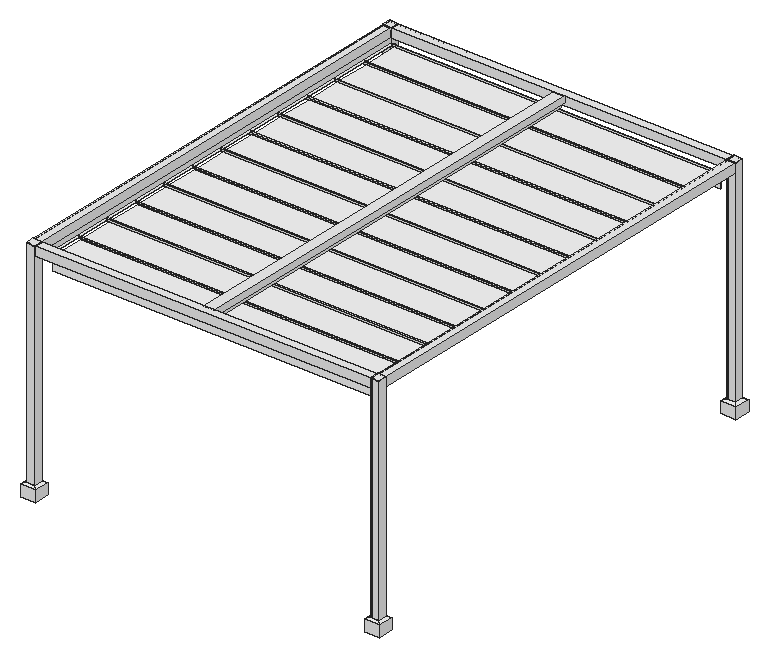
Revit family "Structure-Retractable-Canopy_ShadeFX", category Specialty Equipment, Revit 2022
Family settings
  Round Connector Dimension = Use Diameter
  Part Type = Normal
  OmniClass Number = 23.35.00.00
  OmniClass Title = Covering, Cladding, and Finishes
  Work Plane-Based = No
  Always vertical = Yes
  Cut with Voids When Loaded = No
  Maintain Annotation Orientation = No
  Shared = No
  Room Calculation Point = No
Parameters
  URL = "https://www.shadefxcanopies.com/"
  Support Column - Front Right [instance] = yes
  Support Column - Back Right [instance] = yes
  Support Column - Front Left [instance] = yes
  Support Column - Back Left [instance] = yes
  Support Beam Back [instance] = yes
  Support Beam Front [instance] = yes
  Support Beam Right [instance] = yes
  Support Beam Left [instance] = yes
  Structure Material [instance] = ShadeFX - Aluminum Finish
  Specification = "https://www.arcat.com/company/shadefx-50995/spec"
  Retracted Length [instance] = if(or(Length = 8' 0", Length < 9' 0"), 1' 0 1/4", if(or(Length = 9' 0", Length < 10' 0"), 1' 2 1/4", if(or(Length = 10' 0", Length < 11' 0"), 2' 2 1/4", if(or(Length = 11' 0", Length < 12' 0"), 2' 4 1/4", if(or(Length = 12' 0", Length < 13' 3"), 2' 6 1/4", if(or(Length = 13' 3", Length < 14' 0"), 2' 6 1/4", if(or(Length = 14' 0", Length < 15' 0"), 2' 8 1/4", if(or(Length = 15' 0", Length = 16' 0"), 2' 8 1/4", if(or(Length = 16' 0", Length < 17' 0"), 2' 10 1/4", if(or(Length = 17' 0", Length < 18' 0"), 3' 0 1/4", if(or(Length = 18' 0", Length < 19' 0"), 3' 0 1/4", if(or(Length = 19' 0", Length < 20' 0"), 3' 2 1/4", if(or(Length = 20' 0", Length < 21' 0"), 3' 2 1/4", if(or(Length = 21' 0", Length < 22' 0"), 3' 4 1/4", if(or(Length = 22' 0", Length < 23' 0"), 3' 6 1/4", if(or(Length = 23' 0", Length < 26' 0"), 3' 6 1/4", if(or(Length = 26' 0", Length < 27' 0"), 3' 10 1/4", if(or(Length = 27' 0", Length < 29' 0"), 4' 0 1/4", if(or(Length = 29' 0", Length < 30' 0"), 4' 2 1/4", if(Length = 30' 0", 4' 2 1/4", 1' 0"))))))))))))))))))))  # 3' - 0 1/4"
  Retracted Canopy [instance] = not(Extended Canopy)  # no
  Motor [instance] = yes
  Max Length and Width [instance] = "Contact us (spec@shadefx.com) for > length 20' x width 20'"
  Width [instance] = 14' - 0"
  Product Page URL = "https://www.arcat.com/company/shadefx-50995"
  Model = "Retractable Canopy."  # constant formula
  Manufacturer = "ShadeFX"  # constant formula
  Length [instance] = 18' - 0"
  Keynote = "10 73 16"
  Height [instance] = 9' - 0"
  Gutter [instance] = yes
  Track Length [instance] = Length - 0' 8"  # 17' - 4"
  Extended Canopy [instance] = yes
  Description = "Single track retractable canopies."  # constant formula
  Default Elevation = 0' - 0"
  Cover Material [instance] = ShadeFX - Fabric Color
  Copyright = "ARCAT"
  Support Beam - Center [instance] = yes
  CAD Details = "https://www.arcat.com/company/shadefx-50995/cad"
  # of Wings [instance] = if(or(Length = 8' 0", Length < 9' 0"), 6, if(or(Length = 9' 0", Length < 10' 0"), 7, if(or(Length = 10' 0", Length < 11' 0"), 7, if(or(Length = 11' 0", Length < 12' 0"), 8, if(or(Length = 12' 0", Length < 13' 3"), 9, if(or(Length = 13' 3", Length < 14' 0"), 9, if(or(Length = 14' 0", Length < 15' 0"), 10, if(or(Length = 15' 0", Length = 16' 0"), 10, if(or(Length = 16' 0", Length < 17' 0"), 11, if(or(Length = 17' 0", Length < 18' 0"), 12, if(or(Length = 18' 0", Length < 19' 0"), 12, if(or(Length = 19' 0", Length < 20' 0"), 13, if(or(Length = 20' 0", Length < 21' 0"), 13, if(or(Length = 21' 0", Length < 22' 0"), 14, if(or(Length = 22' 0", Length < 23' 0"), 15, if(or(Length = 23' 0", Length < 24' 0"), 15, if(or(Length = 24' 0", Length < 26' 0"), 16, if(or(Length = 26' 0", Length < 27' 0"), 17, if(or(Length = 27' 0", Length < 29' 0"), 18, if(or(Length = 29' 0", Length < 30' 0"), 19, if(Length = 30' 0", 19, 2)))))))))))))))))))))  # 12
Reference planes (in)
  plane 1 "Center (Front/Back)": y = -60
  plane 2: z = 0
  plane 3 "Center (Left/Right)": x = 8.84676
  plane 4: y = -168
  plane 5: x = -75.15324
  plane 6: x = 92.84676
  plane 7: y = 48
  plane 8: x = -71.15324
  plane 9: x = 88.84676
  plane 10: y = -164
  plane 11: y = 44
  plane 12: z = 108
  plane 13: z = 105
  plane 14 "Canopy Host": z = 101.875
  plane 15: y = 13.5
Forms (in)
  Extrusion 1, solid, material "ShadeFX - Aluminum Finish" <- "Structure Material"
    sketch origin (0, -60, 0) x (1, 0, 0) y (0, 0, 1)
      loop
        line (7.95676, 105) -> (7.95676, 102.48) -> (9.73676, 102.48) -> (9.73676, 105) -> (7.95676, 105)
    from -104 to 104
  Extrusion 2, solid, material "ShadeFX - Aluminum Finish" <- "Structure Material", visible <- "Motor"
    sketch origin (0, -60, 0) x (1, 0, 0) y (0, 0, 1)
      loop
        line (5.02676, 105) -> (5.02676, 102.7) -> (7.95676, 102.7) -> (7.95676, 105) -> (5.02676, 105)
    from -104 to -73.5
  Sweep 3, solid, material "ShadeFX - Aluminum Finish" <- "Structure Material"
    path origin (0, 0, 0) x (1, 0, 0) y (0, 1, 0)
      loop
        line (8.84676, 44) -> (8.84676, -164)
    profile origin (8.84676, -60, 0) x (1, 0, 0) y (0, 0, 1)
      loop
        line (-80, 101.875) -> (-78, 101.875) -> (-78, 102) -> (-79.875, 102) -> (-79.875, 103.875) -> (-80, 103.875) -> (-80, 101.875)
      loop
        line (78, 101.875) -> (80, 101.875) -> (80, 103.875) -> (79.875, 103.875) -> (79.875, 102) -> (78, 102) -> (78, 101.875)
Dimensions and locks (in)
  plane 1 "Center (Front/Back)" to nested 1 = 9' - 0"
  nested 2 to nested 1 = 17' - 4"
  nested 1 to nested 1 = 0' - 4"
  nested 1 to nested 2 = 17' - 4"
  plane 1 "Center (Front/Back)" to nested 3 = 8' - 8"
  nested 3 to nested 1 = 17' - 4"
  nested 1 to plane 1 "Center (Front/Back)" = 9' - 0"
  nested 1 to nested 3 = 17' - 4"
  equal spacing: plane 5, plane 3 "Center (Left/Right)", plane 6
  "Width": plane 5 to plane 6
  equal spacing: plane 4, plane 1 "Center (Front/Back)", plane 7
  "Length": plane 7 to plane 4
  equal spacing: plane 11, plane 1 "Center (Front/Back)", plane 10
  "Track Length": plane 11 to plane 10
  "Height": plane 12 to plane 2
  plane 13 to plane 12 = 0' - 3"
  locked: plane 13 to plane 14 "Canopy Host" at 3.125
  locked: plane 13 to Extrusion 1 sketch curve at 2.52
  equal spacing: Extrusion 1 sketch curve, plane 3 "Center (Left/Right)", Extrusion 1 sketch curve
  locked: Extrusion 1 sketch curve to Extrusion 1 sketch curve at 1.78
  plane 3 "Center (Left/Right)" to Extrusion 2 sketch curve to Extrusion 2 sketch curve = 0' - 0.89" locked, 0' - 2.93" locked
  locked: Extrusion 2 sketch curve to Extrusion 2 sketch curve at 2.3
  locked: plane 11 to plane 15 at 30.5
  locked: Sweep 3 sketch curve to plane 8 at 2
  locked: Sweep 3 sketch curve to plane 14 "Canopy Host" at 2  (x2)
  locked: plane 9 to Sweep 3 sketch curve at 2
  locked: Sweep 3 sketch curve to plane 9 at 0.125
  locked: Sweep 3 sketch curve to plane 8 at 0.125
  locked: plane 5 to plane 8 at 4
  locked: plane 9 to plane 6 at 4
  aligned and locked: plane 2 to level
  aligned and locked: plane 3 "Center (Left/Right)" to nested 2
  aligned and locked: nested 3 to plane 11
  aligned and locked: plane 3 "Center (Left/Right)" to nested 3
  aligned and locked: nested 2 to plane 11
  aligned and locked: Extrusion 1 sketch curve to plane 13
  aligned and locked: plane 11 to Extrusion 1
  aligned and locked: Extrusion 1 to plane 10
  aligned and locked: plane 14 "Canopy Host" to nested 2
  aligned and locked: plane 14 "Canopy Host" to nested 3
  aligned and locked: Extrusion 2 sketch curve to plane 13
  aligned and locked: plane 15 to Extrusion 2
  aligned and locked: plane 3 "Center (Left/Right)" to nested 1
  aligned and locked: nested 1 to plane 1 "Center (Front/Back)"
  aligned and locked: Sweep 3 sketch curve to plane 3 "Center (Left/Right)"
  aligned and locked: plane 11 to Sweep 3 sketch curve
  aligned and locked: plane 10 to Sweep 3 sketch curve
  aligned and locked: Sweep 3 sketch curve to plane 14 "Canopy Host"
  aligned and locked: Sweep 3 sketch curve to plane 8
  aligned and locked: Sweep 3 sketch curve to plane 9
  aligned and locked: plane 14 "Canopy Host" to Sweep 3 sketch curve
  aligned and locked: plane 11 to Extrusion 2
Automatic sketch dimensions
  Sweep 3 sketch curve to Sweep 3 sketch curve = 0' - 0 1/8"  (x2)
Nested families (in)
  nested 1: "PIS_Support Structure" at (-73.15324, 46, 0), Structure Material <- "Structure Material", type "PIS_Support Structure"
    with Structure Material ShadeFX - Aluminum Finish
  nested 2: "PIS_Retractable Canopy" at (8.84676, 44, 101.125), visible <- "Retracted Canopy", Track Length <- "Track Length", Retracted Length <- "Retracted Length", Width <- "Width", # of Wings <- "# of Wings", Cover Material <- "Cover Material", Structure Material <- "Structure Material", type "PIS_Retractable Canopy"
    with Width 14' - 0", Track Length 17' - 4", Structure Material ShadeFX - Aluminum Finish, Retracted Length 3' - 0 1/4", Module Length 1' - 5", Cover Material ShadeFX - Fabric Color, # of Wings 12
  nested 3: "PIS_Extended Canopy" at (8.84676, 40.40833, 101.125), visible <- "Extended Canopy", Cover Material <- "Cover Material", Track Length <- "Track Length", Width <- "Width", # of Wings <- "# of Wings", Structure Material <- "Structure Material", type "PIS_Extended Canopy"
    with Width 14' - 0", Track Length 17' - 4", Structure Material ShadeFX - Aluminum Finish, Module Length 1' - 5", Cover Material ShadeFX - Fabric Color, # of Wings 12
Connectors (in)
  electrical at (6.49176, 44, 103.85)
    settings: on Extrusion 2, index 1, voltage 0 V, apparent load 0 VA, apparent load phase1 0 VA, apparent load phase2 0 VA, apparent load phase3 0 VA, power factor 1, load classification "Motor", number of poles 1, system type 31, power factor state 1, is connector primary yes, connector utility no, sub classification motor no, connector description ""
Definition of nested family "PIS_Support Structure"
  Parameters (values of type "PIS_Support Structure")
    W = 14' - 0"
    Support 4 = yes
    Support 3 = yes
    Support 2 = yes
    Support 1 = yes
    Structure Material [instance] = none
    Right Support = yes
    Left Support = yes
    L = 18' - 0"
    Height of Support = 9' - 0"
    Gutter = yes
    Front Support = yes
    Default Elevation = 0' - 0"
    Center Ridge = yes
    Back Support = yes
  Reference planes (in)
    plane 1: y = 0
    plane 2: z = 0
    plane 3: x = 0
    plane 4: y = -212
    plane 5: x = 164
    plane 6 "Center (Left/Right)": x = 82
    plane 7: z = 108
    plane 8: z = 105
    plane 9: z = 104
    plane 10: z = 107
    plane 11: x = -2
    plane 12: x = 2
    plane 13: x = 162
    plane 14: x = 166
    plane 15: y = -214
    plane 16: y = -210
    plane 17: y = -2
    plane 18: y = 2
    plane 19: z = 94
    plane 20: z = 90
    plane 21 "Center (Front/Back)": y = -106
    plane 22: z = 108.25
  Forms (in)
    Extrusion 1, solid, material <- "Structure Material", visible <- "Support 2"
      sketch origin (0, -212, 0) x (1, 0, 0) y (0, 1, 0)
        loop
          line (-2, 2) -> (-2, -2) -> (2, -2) -> (2, 2) -> (-2, 2)
        loop
          line (-1.75, 1.75) -> (-1.75, -1.75) -> (1.75, -1.75) -> (1.75, 1.75) -> (-1.75, 1.75)
      from 6 to 108
    Extrusion 2, solid, material <- "Structure Material", visible <- "Support 1"
      sketch origin (0, 0, 0) x (1, 0, 0) y (0, 1, 0)
        loop
          line (-2, 2) -> (-2, -2) -> (2, -2) -> (2, 2) -> (-2, 2)
        loop
          line (-1.75, 1.75) -> (-1.75, -1.75) -> (1.75, -1.75) -> (1.75, 1.75) -> (-1.75, 1.75)
      from 6 to 108
    Extrusion 3, solid, material <- "Structure Material", visible <- "Support 3"
      sketch origin (212, 0, 0) x (1, 0, 0) y (0, 1, 0)
        loop
          line (-50, 2) -> (-50, -2) -> (-46, -2) -> (-46, 2) -> (-50, 2)
        loop
          line (-49.75, 1.75) -> (-49.75, -1.75) -> (-46.23695, -1.75) -> (-46.23695, 1.75) -> (-49.75, 1.75)
      from 6 to 108
    Extrusion 4, solid, material <- "Structure Material", visible <- "Support 4"
      sketch origin (212, -212, 0) x (1, 0, 0) y (0, 1, 0)
        loop
          line (-50, 2) -> (-50, -2) -> (-46, -2) -> (-46, 2) -> (-50, 2)
        loop
          line (-49.75, 1.75) -> (-49.75, -1.75) -> (-46.25, -1.75) -> (-46.25, 1.75) -> (-49.75, 1.75)
      from 6 to 108
    Extrusion 5, solid, material <- "Structure Material", visible <- "Left Support"
      sketch origin (0, 0, 0) x (1, 0, 0) y (0, 0, 1)
        loop
          line (-2, 108) -> (-2, 104) -> (2, 104) -> (2, 108) -> (-2, 108)
        loop
          line (-1.75, 107.75) -> (-1.75, 104.25) -> (1.75, 104.25) -> (1.75, 107.75) -> (-1.75, 107.75)
      from 2 to 210
    Extrusion 6, solid, material <- "Structure Material", visible <- "Right Support"
      sketch origin (212, 0, 0) x (1, 0, 0) y (0, 0, 1)
        loop
          line (-50, 108) -> (-50, 104) -> (-46, 104) -> (-46, 108) -> (-50, 108)
        loop
          line (-49.75, 107.75) -> (-49.75, 104.25) -> (-46.25, 104.25) -> (-46.25, 107.75) -> (-49.75, 107.75)
      from 2 to 210
    Extrusion 7, solid, material <- "Structure Material", visible <- "Back Support"
      sketch origin (106, 0, 0) x (0, -1, 0) y (0, 0, 1)
        loop
          line (-2, 108) -> (-2, 104) -> (2, 104) -> (2, 108) -> (-2, 108)
        loop
          line (-1.75, 107.75) -> (-1.75, 104.25) -> (1.75, 104.25) -> (1.75, 107.75) -> (-1.75, 107.75)
      from -56 to 104
    Extrusion 8, solid, material <- "Structure Material", visible <- "Front Support"
      sketch origin (106, -212, 0) x (0, -1, 0) y (0, 0, 1)
        loop
          line (-2, 108) -> (-2, 104) -> (2, 104) -> (2, 108) -> (-2, 108)
        loop
          line (-1.75, 107.75) -> (-1.75, 104.25) -> (1.75, 104.25) -> (1.75, 107.75) -> (-1.75, 107.75)
      from -56 to 104
    Extrusion 9, solid, material <- "Structure Material", visible <- "Center Ridge"
      sketch origin (-2, 0, 0) x (1, 0, 0) y (0, 1, 0)
        loop
          line (81.375, -2) -> (81.375, -210) -> (86.625, -210) -> (86.625, -2) -> (81.375, -2)
      from 105 to 108
    Extrusion 10, solid, material <- "Structure Material", visible <- "Support 2"
      sketch origin (-2, -180, 108) x (0, -1, 0) y (-1, 0, 0)
        loop
          line (30, 0) -> (30, -4) -> (34, -4) -> (34, 0) -> (30, 0)
      from 0 to -0.25
    Extrusion 11, solid, material <- "Structure Material", visible <- "Support 1"
      sketch origin (-2, -30, 108) x (0, -1, 0) y (-1, 0, 0)
        loop
          line (-32, 0) -> (-32, -4) -> (-28, -4) -> (-28, 0) -> (-32, 0)
      from 0 to -0.25
    Extrusion 12, solid, material <- "Structure Material", visible <- "Support 3"
      sketch origin (106, -30, 108) x (0, -1, 0) y (-1, 0, 0)
        loop
          line (-32, -56) -> (-32, -60) -> (-28, -60) -> (-28, -56) -> (-32, -56)
      from 0 to -0.25
    Extrusion 13, solid, material <- "Structure Material", visible <- "Support 4"
      sketch origin (106, -30, 108) x (0, -1, 0) y (-1, 0, 0)
        loop
          line (180, -56) -> (180, -60) -> (184, -60) -> (184, -56) -> (180, -56)
      from 0 to -0.25
  Dimensions and locks (in)
    Extrusion 9 sketch curve to plane 6 "Center (Left/Right)" to Extrusion 9 sketch curve = 0' - 2 5/8" locked, 0' - 2 5/8" locked
    "Height of Support": plane 7 to level
    locked: plane 7 to plane 8 at 3
    locked: plane 7 to plane 9 at 4
    locked: plane 10 to plane 7 at 1
    locked: plane 11 to plane 12 at 4
    equal spacing: plane 11, plane 3, plane 12
    locked: plane 13 to plane 14 at 4
    equal spacing: plane 13, plane 5, plane 14
    locked: plane 18 to plane 17 at 4
    equal spacing: plane 18, plane 1, plane 17
    locked: plane 16 to plane 15 at 4
    equal spacing: plane 16, plane 4, plane 15
    "W": plane 11 to plane 14
    equal spacing: plane 3, plane 6 "Center (Left/Right)", plane 5
    "L": plane 18 to plane 15
    locked: plane 19 to plane 20 at 4
    locked: plane 7 to plane 20 at 18
    equal spacing: plane 18, plane 21 "Center (Front/Back)", plane 15
    locked: plane 22 to plane 7 at 0.25
    aligned and locked: level to plane 2
    aligned and locked: Extrusion 9 to Extrusion 7  (x2)
    aligned and locked: Extrusion 9 to Extrusion 8
    aligned and locked: Extrusion 1 to plane 7
    aligned and locked: Extrusion 5 to plane 7
    aligned and locked: Extrusion 2 to plane 7
    aligned and locked: plane 7 to Extrusion 1
    aligned and locked: Extrusion 8 to plane 7
    aligned and locked: Extrusion 7 to plane 7
    aligned and locked: plane 7 to Extrusion 8
    aligned and locked: Extrusion 9 to plane 7
    aligned and locked: Extrusion 4 to plane 7
    aligned and locked: Extrusion 6 to plane 7
    aligned and locked: Extrusion 3 to plane 7
    aligned and locked: plane 7 to Extrusion 4
    aligned and locked: plane 8 to Extrusion 9
    aligned and locked: plane 9 to Extrusion 8
    aligned and locked: plane 9 to Extrusion 7
    aligned and locked: Extrusion 8 to plane 9  (x4)
    aligned and locked: plane 9 to Extrusion 5  (x8)
    aligned and locked: plane 9 to Extrusion 6
    aligned and locked: plane 3 to nested 1
    aligned and locked: plane 3 to nested 4
    aligned and locked: nested 2 to plane 5
    aligned and locked: nested 3 to plane 5
    aligned and locked: plane 4 to nested 3
    aligned and locked: plane 4 to nested 4
    aligned and locked: plane 1 to nested 1
    aligned and locked: plane 1 to nested 2
    aligned and locked: Extrusion 1 to nested 4
    aligned and locked: Extrusion 2 to nested 1
    aligned and locked: Extrusion 3 to nested 2
    aligned and locked: Extrusion 4 to nested 3
    aligned and locked: plane 11 to Extrusion 2
    aligned and locked: plane 11 to Extrusion 5
    aligned and locked: Extrusion 2 to plane 12
    aligned and locked: Extrusion 5 to plane 12
    aligned and locked: Extrusion 7 to Extrusion 2
    aligned and locked: Extrusion 7 to Extrusion 3
    aligned and locked: Extrusion 6 to Extrusion 3
    aligned and locked: Extrusion 6 to Extrusion 4
    aligned and locked: Extrusion 8 to Extrusion 4
    aligned and locked: Extrusion 8 to Extrusion 1
    aligned and locked: Extrusion 5 to Extrusion 1
    aligned and locked: plane 13 to Extrusion 3
    aligned and locked: plane 13 to Extrusion 4
    aligned and locked: plane 18 to Extrusion 2
    aligned and locked: plane 18 to Extrusion 7
    aligned and locked: plane 18 to Extrusion 3
    aligned and locked: Extrusion 1 to plane 15
    aligned and locked: Extrusion 8 to plane 15
    aligned and locked: Extrusion 4 to plane 15
    aligned and locked: plane 16 to Extrusion 4
    aligned and locked: plane 16 to Extrusion 1
    aligned and locked: plane 15 to Extrusion 10 sketch curve
    aligned and locked: Extrusion 10 sketch curve to plane 16
    aligned and locked: plane 12 to Extrusion 10 sketch curve
    aligned and locked: Extrusion 10 sketch curve to plane 11
    aligned and locked: plane 22 to Extrusion 10
    aligned and locked: Extrusion 11 sketch curve to plane 18
    aligned and locked: plane 17 to Extrusion 11 sketch curve
    aligned and locked: Extrusion 11 sketch curve to plane 11
    aligned and locked: plane 12 to Extrusion 11 sketch curve
    aligned and locked: Extrusion 12 sketch curve to plane 18
    aligned and locked: plane 14 to Extrusion 12 sketch curve
    aligned and locked: Extrusion 12 sketch curve to plane 13
    aligned and locked: plane 17 to Extrusion 12 sketch curve
    aligned and locked: plane 14 to Extrusion 13 sketch curve
    aligned and locked: Extrusion 13 sketch curve to plane 13
    aligned and locked: Extrusion 13 sketch curve to plane 16
    aligned and locked: plane 15 to Extrusion 13 sketch curve
    aligned and locked: plane 22 to Extrusion 13
    aligned and locked: plane 22 to Extrusion 12
    aligned and locked: plane 22 to Extrusion 11
  Automatic sketch dimensions
    Extrusion 1 sketch curve to plane 11 = 0' - 0"
    Extrusion 1 sketch curve to plane 12 = 0' - 0"
    Extrusion 1 sketch curve to plane 15 = 0' - 0"
    Extrusion 1 sketch curve to plane 16 = 0' - 0"
    Extrusion 1 sketch curve to plane 11 = 0' - 0 1/4"
    plane 12 to Extrusion 1 sketch curve = 0' - 0 1/4"
    plane 15 to Extrusion 1 sketch curve = 0' - 0 1/4"
    Extrusion 1 sketch curve to plane 16 = 0' - 0 1/4"
    Extrusion 2 sketch curve to plane 11 = 0' - 0"
    Extrusion 2 sketch curve to plane 12 = 0' - 0"
    Extrusion 2 sketch curve to plane 17 = 0' - 0"
    Extrusion 2 sketch curve to plane 18 = 0' - 0"
    Extrusion 2 sketch curve to plane 11 = 0' - 0 1/4"
    plane 12 to Extrusion 2 sketch curve = 0' - 0 1/4"
    plane 17 to Extrusion 2 sketch curve = 0' - 0 1/4"
    Extrusion 2 sketch curve to plane 18 = 0' - 0 1/4"
    Extrusion 3 sketch curve to plane 13 = 0' - 0"
    Extrusion 3 sketch curve to plane 14 = 0' - 0"
    Extrusion 3 sketch curve to plane 17 = 0' - 0"
    Extrusion 3 sketch curve to plane 18 = 0' - 0"
    Extrusion 3 sketch curve to plane 13 = 0' - 0 1/4"
    plane 14 to Extrusion 3 sketch curve = 0' - 0.23695"
    plane 17 to Extrusion 3 sketch curve = 0' - 0 1/4"
    Extrusion 3 sketch curve to plane 18 = 0' - 0 1/4"
    Extrusion 4 sketch curve to plane 13 = 0' - 0"
    Extrusion 4 sketch curve to plane 14 = 0' - 0"
    Extrusion 4 sketch curve to plane 15 = 0' - 0"
    Extrusion 4 sketch curve to plane 16 = 0' - 0"
    Extrusion 4 sketch curve to plane 13 = 0' - 0 1/4"
    plane 14 to Extrusion 4 sketch curve = 0' - 0 1/4"
    plane 15 to Extrusion 4 sketch curve = 0' - 0 1/4"
    Extrusion 4 sketch curve to plane 16 = 0' - 0 1/4"
    Extrusion 5 sketch curve to plane 9 = 0' - 0"
    plane 11 to Extrusion 5 sketch curve = 0' - 0"
    Extrusion 5 sketch curve to plane 7 = 0' - 0"
    plane 12 to Extrusion 5 sketch curve = 0' - 0"
    Extrusion 5 sketch curve to plane 11 = 0' - 0 1/4"
    plane 12 to Extrusion 5 sketch curve = 0' - 0 1/4"
    Extrusion 5 sketch curve to plane 9 = 0' - 0 1/4"
    plane 7 to Extrusion 5 sketch curve = 0' - 0 1/4"
    Extrusion 6 sketch curve to plane 9 = 0' - 0"
    plane 13 to Extrusion 6 sketch curve = 0' - 0"
    Extrusion 6 sketch curve to plane 7 = 0' - 0"
    plane 14 to Extrusion 6 sketch curve = 0' - 0"
    Extrusion 6 sketch curve to plane 13 = 0' - 0 1/4"
    plane 14 to Extrusion 6 sketch curve = 0' - 0 1/4"
    Extrusion 6 sketch curve to plane 9 = 0' - 0 1/4"
    plane 7 to Extrusion 6 sketch curve = 0' - 0 1/4"
    plane 9 to Extrusion 7 sketch curve = 0' - 0"
    Extrusion 7 sketch curve to plane 18 = 0' - 0"
    plane 7 to Extrusion 7 sketch curve = 0' - 0"
    Extrusion 7 sketch curve to plane 17 = 0' - 0"
    Extrusion 7 sketch curve to plane 18 = 0' - 0 1/4"
    plane 17 to Extrusion 7 sketch curve = 0' - 0 1/4"
    Extrusion 7 sketch curve to plane 9 = 0' - 0 1/4"
    plane 7 to Extrusion 7 sketch curve = 0' - 0 1/4"
    plane 9 to Extrusion 8 sketch curve = 0' - 0"
    Extrusion 8 sketch curve to plane 16 = 0' - 0"
    plane 7 to Extrusion 8 sketch curve = 0' - 0"
    Extrusion 8 sketch curve to plane 15 = 0' - 0"
    Extrusion 8 sketch curve to plane 16 = 0' - 0 1/4"
    plane 15 to Extrusion 8 sketch curve = 0' - 0 1/4"
    Extrusion 8 sketch curve to plane 9 = 0' - 0 1/4"
    plane 7 to Extrusion 8 sketch curve = 0' - 0 1/4"
    Extrusion 9 sketch curve to plane 16 = 0' - 0"
    Extrusion 9 sketch curve to plane 17 = 0' - 0"
  Nested families (in)
    nested 1: "PIS_Base Support" at (0, 0, 0), visible <- "Support 1", Material <- "Structure Material", type "PIS_Base Support"
      with Material none
    nested 2: "PIS_Base Support" at (164, 0, 0), visible <- "Support 3", Material <- "Structure Material", type "PIS_Base Support"
      with Material none
    nested 3: "PIS_Base Support" at (164, -212, 0), visible <- "Support 4", Material <- "Structure Material", type "PIS_Base Support"
      with Material none
    nested 4: "PIS_Base Support" at (0, -212, 0), visible <- "Support 2", Material <- "Structure Material", type "PIS_Base Support"
      with Material none
  Definition of nested family "PIS_Base Support"
    Parameters (values of type "PIS_Base Support")
      Material [instance] = none
      Default Elevation = 0' - 0"
    Reference planes (in)
      plane 1 "Center (Front/Back)": y = 0
      plane 2: z = 0
      plane 3 "Center (Left/Right)": x = 0
    Forms (in)
      Extrusion 1, solid, material <- "Material"
        sketch origin (0, 0, 0) x (1, 0, 0) y (0, 1, 0)
          loop
            line (3.655, 3.655) -> (-3.655, 3.655) -> (-3.655, -3.655) -> (3.655, -3.655) -> (3.655, 3.655)
        from 0 to 5.23828
      Blend 2, solid, material <- "Material"
        base sketch origin (0, 0, 0) x (1, 0, 0) y (0, 1, 0)
          loop
            line (-3.655, 3.655) -> (-3.655, -3.655) -> (3.655, -3.655) -> (3.655, 3.655) -> (-3.655, 3.655)
        top sketch origin (0, 0, 0) x (1, 0, 0) y (0, 1, 0)
          loop
            line (-2, 2) -> (-2, -2) -> (2, -2) -> (2, 2) -> (-2, 2)
        from 5.23828 to 6
    Dimensions and locks (in)
      aligned and locked: plane 2 to level
      aligned and locked: Blend 2 to Extrusion 1
Definition of nested family "PIS_Retractable Canopy"
  Parameters (values of type "PIS_Retractable Canopy")
    Width [instance] = 9' - 4"
    URL = ""
    Track Length [instance] = 8' - 0"
    Structure Material [instance] = none
    Retracted Length [instance] = 0' - 10"
    Module Length [instance] = (Track Length - (Back Offset + Front Offset + 0' 0 3/4")) / # of Wings  # 1' - 3.33333"
    Manufacturer = ""
    Keynote = ""
    Front Offset = 0' - 3 1/4"
    Default Elevation = 4' - 0"
    Cover Material [instance] = none
    Back Offset = 0' - 0"
    # of Wings [instance] = 6
  Reference planes (in)
    plane 1 "Center (Front/Back)": y = 0
    plane 2: z = 0
    plane 3 "Center (Left/Right)": x = 0
    plane 4: y = -10
    plane 5: y = 0
    plane 6: x = -56
    plane 7: x = -51
    plane 8: x = 56
    plane 9: x = 51
  Dimensions and locks (in)
    locked: plane 6 to plane 7 at 5
    locked: plane 8 to plane 9 at 5
    equal spacing: plane 6, plane 3 "Center (Left/Right)", plane 8
    "Width": plane 6 to plane 8
    "Back Offset": plane 5 to plane 1 "Center (Front/Back)"
    "Retracted Length": plane 4 to plane 5
    equal spacing: group 1, group 3, group 4, group 5, group 6, group 2  (x2)
    equal spacing: group 2, group 6, group 5, group 4, group 3, group 1
    aligned and locked: plane 2 to level
    aligned and locked: plane 3 "Center (Left/Right)" to nested 1
    aligned and locked: nested 1 to plane 5
    aligned and locked: plane 4 to nested 2
  Nested families (in)
    nested 1: "PIS_Retracted Shade" at (0, 0, 0), W <- "Width", Module Length <- "Module Length", Structure Material <- "Structure Material", type "PIS_Retracted Shade"
      with Width of Shade 8' - 6", W 9' - 4", Structure Material none, Module Length 1' - 3.33333", Canopy Drop 0' - 10.79167"
    nested 2: "PIS_Retracted Shade" at (0, -9.25, 0), W <- "Width", Module Length <- "Module Length", Structure Material <- "Structure Material", type "PIS_Retracted Shade"
      with Width of Shade 8' - 6", W 9' - 4", Structure Material none, Module Length 1' - 3.33333", Canopy Drop 0' - 10.79167"
    nested 3: "PIS_Retracted Shade" at (0, -1.85, 0), W <- "Width", Module Length <- "Module Length", Structure Material <- "Structure Material", type "PIS_Retracted Shade"
      with Width of Shade 8' - 6", W 9' - 4", Structure Material none, Module Length 1' - 3.33333", Canopy Drop 0' - 10.79167"
    nested 4: "PIS_Retracted Shade" at (0, -3.7, 0), W <- "Width", Module Length <- "Module Length", Structure Material <- "Structure Material", type "PIS_Retracted Shade"
      with Width of Shade 8' - 6", W 9' - 4", Structure Material none, Module Length 1' - 3.33333", Canopy Drop 0' - 10.79167"
    nested 5: "PIS_Retracted Shade" at (0, -5.55, 0), W <- "Width", Module Length <- "Module Length", Structure Material <- "Structure Material", type "PIS_Retracted Shade"
      with Width of Shade 8' - 6", W 9' - 4", Structure Material none, Module Length 1' - 3.33333", Canopy Drop 0' - 10.79167"
    nested 6: "PIS_Retracted Shade" at (0, -7.4, 0), W <- "Width", Module Length <- "Module Length", Structure Material <- "Structure Material", type "PIS_Retracted Shade"
      with Width of Shade 8' - 6", W 9' - 4", Structure Material none, Module Length 1' - 3.33333", Canopy Drop 0' - 10.79167"
  Definition of nested family "PIS_Retracted Shade"
    Parameters (values of type "PIS_Retracted Shade")
      Width of Shade [instance] = W - 0' 10"  # 9' - 4"
      W [instance] = 10' - 2"
      Structure Material [instance] = none
      Shade Material = none
      Module Length [instance] = 0' - 11"
      Default Elevation = 0' - 0"
      Canopy Drop [instance] = 0' 3 1/8" + (Module Length * 0.5)  # 0' - 8 5/8"
    Reference planes (in)
      plane 1 "Center (Front/Back)": y = 0
      plane 2: z = 0
      plane 3 "Center (Left/Right)": x = 0
      plane 4: x = -56
      plane 5: x = 56
      plane 6: x = -54.5
      plane 7: x = 54.5
      plane 8: x = -61
      plane 9: x = 61
      plane 10: y = -0.375
      plane 11: y = -0.4375
      plane 12: y = -0.3125
      plane 13: z = 0.75
      plane 14: z = -4.75
      plane 15: z = 3.875
    Forms (in)
      Extrusion 1, solid, material <- "Structure Material"
        sketch origin (0, 0, 0) x (1, 0, 0) y (0, 1, 0)
          loop
            line (-56, -0.75) -> (56, -0.75) -> (56, 0) -> (-56, 0) -> (-56, -0.75)
        from 0 to 0.75
      Extrusion 2, solid, material <- "Shade Material"
        sketch origin (-54.5, 5.00454, 48) x (0, -1, 0) y (0, 0, 1)
          loop
            line (5.31704, -52.75) -> (5.44204, -52.75) -> (5.44204, -48) -> (5.31704, -48) -> (5.31704, -52.75)
        from 0 to -109
    Dimensions and locks (in)
      equal spacing: plane 4, plane 3 "Center (Left/Right)", plane 5
      locked: plane 4 to plane 6 at 1.5
      locked: plane 7 to plane 5 at 1.5
      "Width of Shade": plane 4 to plane 5
      "W": plane 8 to plane 9
      equal spacing: plane 12, plane 10, plane 11
      locked: plane 11 to plane 12 at 0.125
      locked: Extrusion 1 sketch curve to plane 1 "Center (Front/Back)" at 0.75
      locked: plane 10 to plane 1 "Center (Front/Back)" at 0.375
      locked: plane 13 to plane 2 at 0.75
      "Canopy Drop": plane 15 to plane 14
      locked: plane 15 to plane 13 at 3.125
      locked: plane 8 to plane 4 at 5
      aligned and locked: plane 2 to level
      aligned and locked: plane 4 to Extrusion 1  (x2)
      aligned and locked: Extrusion 1 sketch curve to plane 5
      aligned and locked: plane 4 to Extrusion 1 sketch curve
      aligned and locked: Extrusion 1 sketch curve to plane 1 "Center (Front/Back)"
      aligned and locked: plane 13 to Extrusion 1
      aligned and locked: plane 14 to Extrusion 2 sketch curve
      aligned and locked: plane 2 to Extrusion 2 sketch curve
      aligned and locked: Extrusion 2 sketch curve to plane 12
      aligned and locked: plane 11 to Extrusion 2 sketch curve
      aligned and locked: Extrusion 2 to plane 7
      aligned and locked: plane 6 to Extrusion 2
Definition of nested family "PIS_Extended Canopy"
  Parameters (values of type "PIS_Extended Canopy")
    Width [instance] = 9' - 4"
    URL = ""
    Track Length [instance] = 23' - 0"
    Structure Material [instance] = none
    Front Offset = 0' - 3 1/4"
    Module Length [instance] = (Track Length - (Back Offset + Front Offset + 0' 0 3/4")) / # of Wings  # 1' - 6.13333"
    Manufacturer = ""
    Keynote = ""
    Default Elevation = 4' - 0"
    Cover Material [instance] = none
    Back Offset = 0' - 0"
    # of Wings [instance] = 15
  Reference planes (in)
    plane 1 "Center (Front/Back)": y = 3.59167
    plane 2: z = 0
    plane 3 "Center (Left/Right)": x = 0
    plane 4: y = 2.84167
    plane 5: y = -15.29167
    plane 6: z = 0.75
    plane 7: x = -56
    plane 8: x = 56
    plane 9: x = -51
    plane 10: x = 51
    plane 11: y = -269.15833
    plane 12: y = -272.40833
    plane 13: y = 3.59167
    plane 14: x = -52
    plane 15: x = 52
    plane 16: x = -49.5
    plane 17: x = 49.5
  Forms (in)
    Extrusion 1, solid, material <- "Structure Material"
      sketch origin (0, 0, 0) x (0, 1, 0) y (0, 0, 1)
        loop
          line (3.59167, 0.75) -> (2.84167, 0.75) -> (2.84167, 0) -> (3.59167, 0) -> (3.59167, 0.75)
      from -51 to 51
    Extrusion 2, solid, material <- "Cover Material"
      sketch origin (-51, 8.08845, 216) x (0, 1, 0) y (0, 0, 1)
        loop
          line (-276.87178, -216) -> (-276.93428, -216) -> (-276.93428, -222) -> (-276.87178, -222) -> (-276.87178, -216)
        loop
          line (-4.8272, -216) -> (-4.8897, -216) -> (-4.8897, -222) -> (-4.8272, -222) -> (-4.8272, -216)
      from 1.5 to 100.5
  Dimensions and locks (in)
    locked: plane 13 to plane 4 at 0.75
    "Module Length": plane 4 to plane 5
    locked: plane 6 to plane 2 at 0.75
    equal spacing: plane 7, plane 3 "Center (Left/Right)", plane 8
    "Width": plane 7 to plane 8
    plane 7 to plane 14 to plane 9 = 0' - 4" locked, 0' - 1" locked
    plane 10 to plane 15 to plane 8 = 0' - 1" locked, 0' - 4" locked
    "Front Offset": plane 11 to plane 12
    equal spacing: group 1, group 3, group 4, group 5, group 6, group 7, group 8, group 9, group 10, group 11, group 12, group 13, group 14, group 15, group 2  (x2)
    equal spacing: group 2, group 15, group 14, group 13, group 12, group 11, group 10, group 9, group 8, group 7, group 6, group 5, group 4, group 3, group 1
    plane 1 "Center (Front/Back)" to plane 13 = 0' - 0"
    "Back Offset": plane 1 "Center (Front/Back)" to plane 13
    "Track Length": plane 1 "Center (Front/Back)" to plane 12
    locked: plane 2 to Extrusion 2 sketch curve at 6  (x2)
    Extrusion 2 sketch curve to Extrusion 2 sketch curve to plane 11 = 0' - 0 1/16" locked, 0' - 0 5/16" locked
    plane 13 to Extrusion 2 sketch curve to Extrusion 2 sketch curve = 0' - 0.33042" locked, 0' - 0 1/16" locked
    locked: plane 9 to plane 16 at 1.5
    locked: plane 17 to plane 10 at 1.5
    aligned and locked: plane 2 to level
    aligned and locked: plane 3 "Center (Left/Right)" to nested 1
    aligned and locked: nested 1 to plane 4
    aligned and locked: plane 6 to Extrusion 1 sketch curve
    aligned and locked: plane 4 to Extrusion 1 sketch curve
    aligned and locked: plane 2 to Extrusion 1 sketch curve
    aligned and locked: Extrusion 1 to plane 9
    aligned and locked: plane 10 to Extrusion 1
    aligned and locked: nested 2 to plane 11
    aligned and locked: plane 13 to Extrusion 1 sketch curve
    aligned and locked: plane 2 to Extrusion 2 sketch curve
    aligned and locked: Extrusion 2 sketch curve to plane 2
    aligned and locked: plane 16 to Extrusion 2
    aligned and locked: Extrusion 2 to plane 17
  Nested families (in)
    nested 1: "PIS_Extended Shade" at (1.98455, 3.71667, 0), Cover Material <- "Cover Material", Module Length <- "Module Length", W <- "Width", Structure Material <- "Structure Material", type "PIS_Extended Shade"
      with Width of Extended Canopy 8' - 6", W 9' - 4", Structure Material none, Module Length 1' - 6.13333", Cover Material none
    nested 2: "PIS_Extended Shade" at (1.98455, -250.15, 0), Cover Material <- "Cover Material", Module Length <- "Module Length", W <- "Width", Structure Material <- "Structure Material", type "PIS_Extended Shade"
      with Width of Extended Canopy 8' - 6", W 9' - 4", Structure Material none, Module Length 1' - 6.13333", Cover Material none
    nested 3: "PIS_Extended Shade" at (1.98455, -14.41667, 0), Cover Material <- "Cover Material", Module Length <- "Module Length", W <- "Width", Structure Material <- "Structure Material", type "PIS_Extended Shade"
      with Width of Extended Canopy 8' - 6", W 9' - 4", Structure Material none, Module Length 1' - 6.13333", Cover Material none
    nested 4: "PIS_Extended Shade" at (1.98455, -32.55, 0), Cover Material <- "Cover Material", Module Length <- "Module Length", W <- "Width", Structure Material <- "Structure Material", type "PIS_Extended Shade"
      with Width of Extended Canopy 8' - 6", W 9' - 4", Structure Material none, Module Length 1' - 6.13333", Cover Material none
    nested 5: "PIS_Extended Shade" at (1.98455, -50.68333, 0), Cover Material <- "Cover Material", Module Length <- "Module Length", W <- "Width", Structure Material <- "Structure Material", type "PIS_Extended Shade"
      with Width of Extended Canopy 8' - 6", W 9' - 4", Structure Material none, Module Length 1' - 6.13333", Cover Material none
    nested 6: "PIS_Extended Shade" at (1.98455, -68.81667, 0), Cover Material <- "Cover Material", Module Length <- "Module Length", W <- "Width", Structure Material <- "Structure Material", type "PIS_Extended Shade"
      with Width of Extended Canopy 8' - 6", W 9' - 4", Structure Material none, Module Length 1' - 6.13333", Cover Material none
    nested 7: "PIS_Extended Shade" at (1.98455, -86.95, 0), Cover Material <- "Cover Material", Module Length <- "Module Length", W <- "Width", Structure Material <- "Structure Material", type "PIS_Extended Shade"
      with Width of Extended Canopy 8' - 6", W 9' - 4", Structure Material none, Module Length 1' - 6.13333", Cover Material none
    nested 8: "PIS_Extended Shade" at (1.98455, -105.08333, 0), Cover Material <- "Cover Material", Module Length <- "Module Length", W <- "Width", Structure Material <- "Structure Material", type "PIS_Extended Shade"
      with Width of Extended Canopy 8' - 6", W 9' - 4", Structure Material none, Module Length 1' - 6.13333", Cover Material none
    nested 9: "PIS_Extended Shade" at (1.98455, -123.21667, 0), Cover Material <- "Cover Material", Module Length <- "Module Length", W <- "Width", Structure Material <- "Structure Material", type "PIS_Extended Shade"
      with Width of Extended Canopy 8' - 6", W 9' - 4", Structure Material none, Module Length 1' - 6.13333", Cover Material none
    nested 10: "PIS_Extended Shade" at (1.98455, -141.35, 0), Cover Material <- "Cover Material", Module Length <- "Module Length", W <- "Width", Structure Material <- "Structure Material", type "PIS_Extended Shade"
      with Width of Extended Canopy 8' - 6", W 9' - 4", Structure Material none, Module Length 1' - 6.13333", Cover Material none
    nested 11: "PIS_Extended Shade" at (1.98455, -159.48333, 0), Cover Material <- "Cover Material", Module Length <- "Module Length", W <- "Width", Structure Material <- "Structure Material", type "PIS_Extended Shade"
      with Width of Extended Canopy 8' - 6", W 9' - 4", Structure Material none, Module Length 1' - 6.13333", Cover Material none
    nested 12: "PIS_Extended Shade" at (1.98455, -177.61667, 0), Cover Material <- "Cover Material", Module Length <- "Module Length", W <- "Width", Structure Material <- "Structure Material", type "PIS_Extended Shade"
      with Width of Extended Canopy 8' - 6", W 9' - 4", Structure Material none, Module Length 1' - 6.13333", Cover Material none
    nested 13: "PIS_Extended Shade" at (1.98455, -195.75, 0), Cover Material <- "Cover Material", Module Length <- "Module Length", W <- "Width", Structure Material <- "Structure Material", type "PIS_Extended Shade"
      with Width of Extended Canopy 8' - 6", W 9' - 4", Structure Material none, Module Length 1' - 6.13333", Cover Material none
    nested 14: "PIS_Extended Shade" at (1.98455, -213.88333, 0), Cover Material <- "Cover Material", Module Length <- "Module Length", W <- "Width", Structure Material <- "Structure Material", type "PIS_Extended Shade"
      with Width of Extended Canopy 8' - 6", W 9' - 4", Structure Material none, Module Length 1' - 6.13333", Cover Material none
    nested 15: "PIS_Extended Shade" at (1.98455, -232.01667, 0), Cover Material <- "Cover Material", Module Length <- "Module Length", W <- "Width", Structure Material <- "Structure Material", type "PIS_Extended Shade"
      with Width of Extended Canopy 8' - 6", W 9' - 4", Structure Material none, Module Length 1' - 6.13333", Cover Material none
  Definition of nested family "PIS_Extended Shade"
    Parameters (values of type "PIS_Extended Shade")
      Width of Extended Canopy [instance] = W - 0' 10"  # 8' - 0"
      W [instance] = 8' - 10"
      Structure Material [instance] = none
      Module Length [instance] = 1' - 2 5/8"
      Default Elevation = 0' - 0"
      Cover Material [instance] = none
    Reference planes (in)
      plane 1 "Center (Front/Back)": y = -0.875
      plane 2: z = 0
      plane 3 "Center (Left/Right)": x = -1.98455
      plane 4: x = -54.98455
      plane 5: x = 51.01545
      plane 6: x = -49.98455
      plane 7: x = 46.01545
      plane 8: y = -15.5
      plane 9: y = -14.75
      plane 10: x = -48.48455
      plane 11: x = 44.51545
    Forms (in)
      Extrusion 1, solid, material <- "Cover Material"
        sketch origin (0, 0, 0) x (1, 0, 0) y (0, 1, 0)
          loop
            line (-48.48455, -14.75) -> (44.51545, -14.75) -> (44.51545, -0.875) -> (-48.48455, -0.875) -> (-48.48455, -14.75)
        from 0 to 0.0625
      Extrusion 2, solid, material <- "Structure Material"
        sketch origin (0, 0, 0) x (1, 0, 0) y (0, 1, 0)
          loop
            line (-49.98455, -14.75) -> (-49.98455, -15.5) -> (46.01545, -15.5) -> (46.01545, -14.75) -> (-49.98455, -14.75)
        from 0 to 0.75
    Dimensions and locks (in)
      equal spacing: plane 4, plane 3 "Center (Left/Right)", plane 5
      "W": plane 4 to plane 5
      plane 4 to plane 6 = 0' - 5"
      "Width of Extended Canopy": plane 6 to plane 7
      plane 8 to plane 1 "Center (Front/Back)" = 1' - 2 5/8"
      plane 9 to plane 8 = 0' - 0 3/4"
      "Module Length": plane 8 to plane 1 "Center (Front/Back)"
      locked: plane 6 to plane 10 at 1.5
      locked: plane 11 to plane 7 at 1.5
      aligned and locked: plane 2 to level
      aligned and locked: Extrusion 2 to plane 6
      aligned and locked: Extrusion 2 to plane 8
      aligned and locked: Extrusion 2 to Extrusion 1
      aligned and locked: plane 9 to Extrusion 2 sketch curve
      aligned and locked: Extrusion 2 sketch curve to plane 7
      aligned and locked: Extrusion 1 sketch curve to plane 1 "Center (Front/Back)"
      aligned and locked: Extrusion 1 to plane 2
      aligned and locked: Extrusion 1 sketch curve to plane 10
      aligned and locked: Extrusion 1 sketch curve to plane 11
    Automatic sketch dimensions
      plane 9 to Extrusion 1 sketch curve = 0' - 0"
      Extrusion 2 sketch curve to plane 6 = 0' - 0"
      Extrusion 2 sketch curve to plane 8 = 0' - 0"
